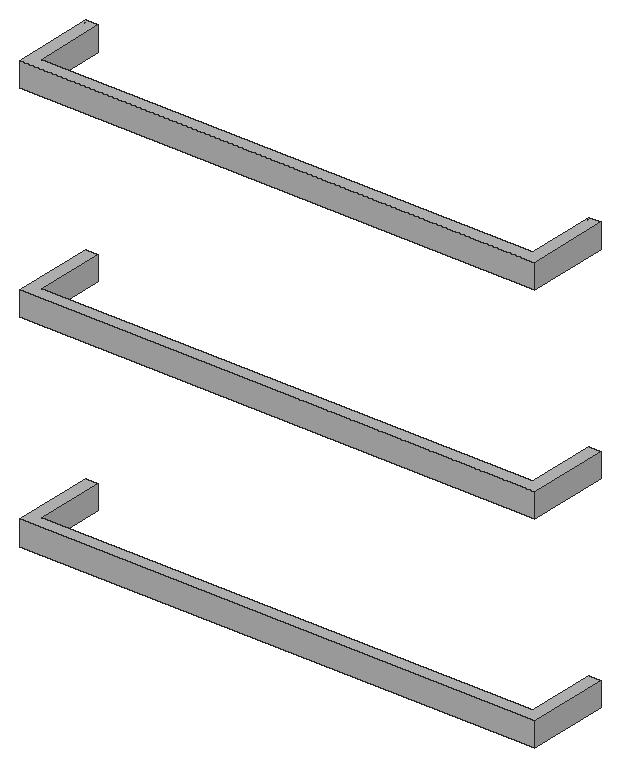
Revit family "Reece_Accessory_Mizu_Bloc_Heated Towel Rail_Triple Pack", category Plumbing Fixtures, Revit 2018
Family settings
  Round Connector Dimension = Use Diameter
  Part Type = Normal
  Work Plane-Based = Yes
  Always vertical = Yes
  Cut with Voids When Loaded = Yes
  Shared = Yes
  Room Calculation Point = Yes
Parameters
  URL = "https://www.reece.com.au/product/-2007466"
  Type Comments = "Accessory"
  Reece_Top_Rail_Spacing [instance] = 250 mm
  Reece_Product_Web Page = "https://www.reece.com.au/product/-2007466"
  Reece_Product_Type = "Accessory"  # constant formula
  Reece_Product_Sub Brand = "Bloc"  # constant formula
  Reece_Product_Number = "2007466"
  Reece_Product_Mount = "Wall Mounted"
  Reece_Product_Description = "Mizu Bloc Heated Towel Rail 630mm (Triple Pack) Polished Stainless Steel"
  Reece_Product_Brand = "Mizu"  # constant formula
  Reece_Overall_Width = 627 mm
  Reece_Overall_Height = 30 mm  # constant formula
  Reece_Mid_Rail_Spacing [instance] = 250 mm
  Reece_Material_Main = Reece_Metal_Stainless Steel_Polished
  Reece_Height_From_Level [instance] = if(Reece_Bottom_Offset < 600 mm, 600 mm, if(Reece_Bottom_Offset > 600 mm, Reece_Bottom_Offset, if(Reece_Bottom_Offset = 0 mm, Reece_Bottom_Offset, Reece_Bottom_Offset)))  # 1000 mm
  Reece_Fixing_Point_Width = 612 mm
  Reece_Fixing_Distance B [instance] = if(Reece_Top_Rail_Spacing < 30 mm, 30 mm, if(Reece_Top_Rail_Spacing > 30 mm, Reece_Top_Rail_Spacing, Reece_Top_Rail_Spacing))  # 250 mm
  Reece_Fixing_Distance A [instance] = if(Reece_Mid_Rail_Spacing < 30 mm, 30 mm, if(Reece_Mid_Rail_Spacing > 30 mm, Reece_Mid_Rail_Spacing, Reece_Mid_Rail_Spacing))  # 250 mm
  Reece_Detail_Shape = ""
  Reece_Detail_Installation = "Heated Towel Rail"  # constant formula
  Reece_Detail_Disclaimer = "THIS FILE IS THE PROPERTY OF THE REECE GROUP. IT MAY NOT BE REPRODUCED, REVERSE-ENGINEERED OR MODIFIED. ANY REPUBLICATION, TRANSMISSION OR DISTRIBUTION FOR THE PURPOSE OF COMMERCIALLY EXPLOITING THE FILES IS PROHIBITED."  # constant formula
  Reece_Detail_Connector = ""
  Reece_Detail_Additional = "Triple Pack"  # constant formula
  Reece_Bottom_Offset [instance] = 1000 mm
  Reece_Accessory_Projection = 100 mm  # constant formula
  Model = "Bloc"
  Manufacturer = "Mizu"
  Keynote = "Product #2007466, Reece_Accessory_Mizu_Bloc_Heated Towel Rail_Triple Pack -  "
  Disclaimer = "THIS FILE IS THE PROPERTY OF THE REECE GROUP. IT MAY NOT BE REPRODUCED, REVERSE-ENGINEERED OR MODIFIED. ANY REPUBLICATION, TRANSMISSION OR DISTRIBUTION FOR THE PURPOSE OF COMMERCIALLY EXPLOITING THE FILES IS PROHIBITED."  # constant formula
  Description = "Mizu Bloc Heated Towel Rail 630mm (Triple Pack) Polished Stainless Steel"
  Default Elevation = 0 mm
Types (5, lengths in mm): name | URL | Reece_Product_Web Page | Reece_Product_Number | Reece_Product_Description | Reece_Overall_Width | Reece_Material_Main | Reece_Fixing_Point_Width | Keynote | Description
  (no name) | "https://www.reece.com.au/product/-2007466" | "https://www.reece.com.au/product/-2007466" | "2007466" | "Mizu Bloc Heated Towel Rail 630mm (Triple Pack) Polished Stainless Steel" | 627 | Reece_Metal_Stainless Steel_Polished | 612 | "Product #2007466, Reece_Accessory_Mizu_Bloc_Heated Towel Rail_Triple Pack -  " | "Mizu Bloc Heated Towel Rail 630mm (Triple Pack) Polished Stainless Steel"
  627 mm x 30 mm x 100 mm_Matte Black | "https://www.reece.com.au/product/-2007468" | "https://www.reece.com.au/product/-2007468" | "2007468" | "Mizu Bloc Heated Towel Rail 630mm (Triple Pack) Matte Black" | 627 | Reece_Metal_Matte Black | 612 | "Product #2007468, Reece_Accessory_Mizu_Bloc_Heated Towel Rail_Triple Pack - 627 mm x 30 mm x 100 mm_Matte Black" | "Mizu Bloc Heated Towel Rail 630mm (Triple Pack) Matte Black"
  827 mm x 30 mm x 100 mm_Matte Black | "https://www.reece.com.au/product/-2007469" | "https://www.reece.com.au/product/-2007469" | "2007469" | "Mizu Bloc Heated Towel Rail 830mm (Triple Pack) Matte Black" | 827 | Reece_Metal_Matte Black | 812 | "Product #2007469, Reece_Accessory_Mizu_Bloc_Heated Towel Rail_Triple Pack - 827 mm x 30 mm x 100 mm_Matte Black" | "Mizu Bloc Heated Towel Rail 830mm (Triple Pack) Matte Black"
  627 mm x 30 mm x 100 mm_Polished Stainless Steel | "https://www.reece.com.au/product/-2007466" | "https://www.reece.com.au/product/-2007466" | "2007466" | "Mizu Bloc Heated Towel Rail 630mm (Triple Pack) Polished Stainless Steel" | 627 | Reece_Metal_Stainless Steel_Polished | 612 | "Product #2007466, Reece_Accessory_Mizu_Bloc_Heated Towel Rail_Triple Pack - 627 mm x 30 mm x 100 mm_Polished Stainless Steel" | "Mizu Bloc Heated Towel Rail 630mm (Triple Pack) Polished Stainless Steel"
  827 mm x 30 mm x 100 mm_Polished Stainless Steel | "https://www.reece.com.au/product/-2007467" | "https://www.reece.com.au/product/-2007467" | "2007467" | "Mizu Bloc Heated Towel Rail 830mm (Triple Pack) Polished Stainless Steel" | 827 | Reece_Metal_Stainless Steel_Polished | 812 | "Product #2007467, Reece_Accessory_Mizu_Bloc_Heated Towel Rail_Triple Pack - 827 mm x 30 mm x 100 mm_Polished Stainless Steel" | "Mizu Bloc Heated Towel Rail 830mm (Triple Pack) Polished Stainless Steel"
Reference planes
  plane 1 "Center (Front/Back)": y = 0
  plane 2 "Bottom Host Plane": z = -5
  plane 3 "Center (Left/Right)": x = 0
  plane 4 "Fixing Point": z = 1014.881
  plane 5: x = -313.5
  plane 6: x = 313.5
  plane 7: x = -306
  plane 8: y = -100
  plane 9: x = 306
  plane 10: y = -13
  plane 11: x = 298.619
  plane 12: z = 1030
  plane 13: z = 1000
  plane 14: z = 1264.881
  plane 15: z = 1514.881
  plane 16: z = 1499.881
  plane 17: z = 1529.881
  plane 18: z = 1279.881
  plane 19: z = 1249.881
Forms (mm)
  Extrusion 1, solid, material "Reece_Metal_Stainless Steel_Polished" <- "Reece_Material_Main"
    sketch origin (0, 0, 0) x (1, 0, 0) y (0, 1, 0)
      loop
        line (-298.619, -85.119) -> (-298.619, 0) -> (-313.5, 0) -> (-313.5, -100) -> (313.5, -100) -> (313.5, 0) -> (298.617, 0) -> (298.617, -85.119) -> (-298.619, -85.119)
    from 1000 to 1030
  Extrusion 2, void
    sketch origin (0, 0, 0) x (1, 0, 0) y (0, 0, 1)
      loop
        line (-312.012, 1028.274) -> (-312.012, 1001.488) -> (-300.107, 1001.488) -> (-300.107, 1028.274) -> (-312.012, 1028.274)
    from 0 to 16.129
  Extrusion 3, void
    sketch origin (0, 0, 0) x (-1, 0, 0) y (0, 0, -1)
      loop
        line (-312.012, -1028.274) -> (-300.107, -1028.274) -> (-300.107, -1001.488) -> (-312.012, -1001.488) -> (-312.012, -1028.274)
    from 0 to 16.129
  Extrusion 4, solid, material "Reece_Metal_Stainless Steel_Polished" <- "Reece_Material_Main"
    sketch origin (-340.933, -1524, 880) x (-1, 0, 0) y (0, -1, 0)
      loop
        line (-42.314, -1438.881) -> (-42.314, -1524) -> (-27.433, -1524) -> (-27.433, -1424) -> (-654.433, -1424) -> (-654.433, -1524) -> (-639.55, -1524) -> (-639.55, -1438.881) -> (-42.314, -1438.881)
    from 369.881 to 399.881
  Extrusion 5, void
    sketch origin (0, 0, 278.5) x (1, 0, 0) y (0, 0, 1)
      loop
        line (-312.012, 999.881) -> (-312.012, 972.881) -> (-300.107, 972.881) -> (-300.107, 999.881) -> (-312.012, 999.881)
    from 0 to 16.129
  Extrusion 6, solid, material "Reece_Metal_Stainless Steel_Polished" <- "Reece_Material_Main"
    sketch origin (-340.933, -1524, 1159.762) x (-1, 0, 0) y (0, -1, 0)
      loop
        line (-42.314, -1438.881) -> (-42.314, -1524) -> (-27.433, -1524) -> (-27.433, -1424) -> (-654.433, -1424) -> (-654.433, -1524) -> (-639.55, -1524) -> (-639.55, -1438.881) -> (-42.314, -1438.881)
    from 340.119 to 370.119
  Revolve 7, void
    sketch origin (-306, 0, 1200) x (0, -1, 0) y (0, 0, 1)
      loop
        line (13, -201.231) -> (15, -201.231) -> (15, -198.512) -> (13, -198.512) -> (13, -201.231)
      axis (13, -201.231) -> (13, -198.512)
    angle from 0 to 360
  Revolve 8, void
    sketch origin (306, 0, 1200) x (0, -1, 0) y (0, 0, -1)
      loop
        line (13, 201.231) -> (13, 198.512) -> (15, 198.512) -> (15, 201.231) -> (13, 201.231)
      axis (13, 201.231) -> (13, 198.512)
    angle from 0 to 360
  Extrusion 9, void
    sketch origin (0, 0, 278.5) x (-1, 0, 0) y (0, 0, -1)
      loop
        line (-312.012, -999.881) -> (-300.107, -999.881) -> (-300.107, -972.881) -> (-312.012, -972.881) -> (-312.012, -999.881)
    from 0 to 16.129
  Extrusion 10, void
    sketch origin (0, 0, 528.5) x (1, 0, 0) y (0, 0, 1)
      loop
        line (-312.012, 999.881) -> (-312.012, 972.881) -> (-300.107, 972.881) -> (-300.107, 999.881) -> (-312.012, 999.881)
    from 0 to 16.129
  Extrusion 11, void
    sketch origin (0, 0, 528.5) x (-1, 0, 0) y (0, 0, -1)
      loop
        line (-312.012, -999.881) -> (-300.107, -999.881) -> (-300.107, -972.881) -> (-312.012, -972.881) -> (-312.012, -999.881)
    from 0 to 16.129
  Revolve 12, void
    sketch origin (-306, 0, 1449.881) x (0, -1, 0) y (0, 0, 1)
      loop
        line (13, -201.231) -> (15, -201.231) -> (15, -198.512) -> (13, -198.512) -> (13, -201.231)
      axis (13, -201.231) -> (13, -198.512)
    angle from 0 to 360
  Revolve 13, void
    sketch origin (306, 0, 1449.881) x (0, -1, 0) y (0, 0, -1)
      loop
        line (13, 201.231) -> (13, 198.512) -> (15, 198.512) -> (15, 201.231) -> (13, 201.231)
      axis (13, 201.231) -> (13, 198.512)
    angle from 0 to 360
  Revolve 14, void
    sketch origin (-306, 0, 1699.881) x (0, -1, 0) y (0, 0, 1)
      loop
        line (13, -201.231) -> (15, -201.231) -> (15, -198.487) -> (13, -198.487) -> (13, -201.231)
      axis (13, -201.231) -> (13, -198.487)
    angle from 0 to 360
  Revolve 15, void
    sketch origin (306, 0, 1699.881) x (0, -1, 0) y (0, 0, -1)
      loop
        line (13, 201.231) -> (13, 198.487) -> (15, 198.487) -> (15, 201.231) -> (13, 201.231)
      axis (13, 201.231) -> (13, 198.487)
    angle from 0 to 360
Cuts and joins
  Extrusion 2, Extrusion 3, Extrusion 5, Revolve 7, Revolve 8, Revolve 12, Revolve 14 cuts Extrusion 1
  Extrusion 5, Extrusion 9, Extrusion 10, Extrusion 11, Revolve 12, Revolve 13 cuts Extrusion 4
  Extrusion 10, Extrusion 11, Revolve 14, Revolve 15 cuts Extrusion 6
Lines and regions (mm)
  model lines, style "InvisibleLines"
    curve 1: line (0, 0, -5) -> (0, 0, 1014.881)
Text (mm)
  text "Reece ©" at (2575.234, -2071.694, 3369.885), in view "Reece Preview"
  text "Reece Copyright © 2018, Reece Ltd." at (-411.74, -205.274, 0), in view "Ref. Level"
Dimensions and locks
  locked: plane 2 "Bottom Host Plane" to level at 5
  "Reece_Overall_Width": plane 6 to plane 5
  "Reece_Accessory_Projection": plane 8 to plane 1 "Center (Front/Back)"
  plane 5 to Extrusion 2 to Extrusion 2 to Extrusion 1 to Extrusion 1 to Extrusion 3 to Extrusion 3 to plane 6 = 1.488 mm locked, 11.905 mm locked, 1.488 mm locked, 597.236 mm, 1.49 mm locked, 11.905 mm locked, 1.488 mm locked
  "Reece_Fixing_Point_Width": plane 7 to plane 9
  locked: plane 5 to plane 7 at 7.5
  plane 6 to plane 9 = 7.5 mm
  equal spacing: plane 7, plane 3 "Center (Left/Right)", plane 9  (x2)
  plane 5 to plane 6 = 627 mm
  plane 7 to plane 9 = 612 mm
  plane 10 to plane 1 "Center (Front/Back)" = 13 mm
  cut or joined group of Extrusion 1, Extrusion 2, Extrusion 3, Extrusion 5, Revolve 7, Revolve 8, Revolve 12, Revolve 14 to cut or joined group of Extrusion 1, Extrusion 2, Extrusion 3, Extrusion 5, Revolve 7, Revolve 8, Revolve 12, Revolve 14 = 30 mm
  plane 11 to plane 6 = 14.881 mm
  plane 1 "Center (Front/Back)" to plane 8 = 100 mm
  level to plane 4 "Fixing Point" = 1014.881 mm  (x2)
  plane 8 to plane 1 "Center (Front/Back)" = 100 mm
  Extrusion 5 to Extrusion 5 to Extrusion 4 to Extrusion 4 = 11.905 mm locked, 1.488 mm locked, 597.236 mm
  Extrusion 6 to Extrusion 6 = 597.236 mm
  plane 5 to cut or joined group of Extrusion 4, Extrusion 5, Extrusion 9, Extrusion 10, Extrusion 11, Revolve 12, Revolve 13 to cut or joined group of Extrusion 4, Extrusion 5, Extrusion 9, Extrusion 10, Extrusion 11, Revolve 12, Revolve 13 = 1.488 mm locked, 13.393 mm locked
  "Reece_Height_From_Level": plane 13 to level
  plane 12 to plane 4 "Fixing Point" to plane 13 = 15.119 mm locked, 14.881 mm locked
  "Reece_Fixing_Distance A": plane 14 to plane 4 "Fixing Point"
  "Reece_Fixing_Distance B": plane 15 to plane 14
  plane 17 to plane 15 to plane 16 = 15 mm locked, 15 mm locked
  plane 18 to plane 14 to plane 19 = 15 mm locked, 15 mm locked
  locked: Extrusion 9 to Extrusion 9 at 11.905
  locked: Extrusion 10 to Extrusion 10 at 11.905
  locked: Extrusion 11 to Extrusion 11 at 11.905
  aligned and locked: plane 4 "Fixing Point" to curve 1
  aligned and locked: plane 5 to Extrusion 1
  aligned and locked: Extrusion 1 to plane 6
  aligned and locked: cut or joined group of Extrusion 1, Extrusion 2, Extrusion 3, Extrusion 5, Revolve 7, Revolve 8, Revolve 12, Revolve 14 to plane 12
  aligned and locked: plane 13 to cut or joined group of Extrusion 1, Extrusion 2, Extrusion 3, Extrusion 5, Revolve 7, Revolve 8, Revolve 12, Revolve 14
  aligned and locked: plane 18 to cut or joined group of Extrusion 4, Extrusion 5, Extrusion 9, Extrusion 10, Extrusion 11, Revolve 12, Revolve 13
  aligned and locked: cut or joined group of Extrusion 4, Extrusion 5, Extrusion 9, Extrusion 10, Extrusion 11, Revolve 12, Revolve 13 to plane 19
  aligned and locked: cut or joined group of Extrusion 6, Extrusion 10, Extrusion 11, Revolve 14, Revolve 15 to plane 17
  aligned and locked: plane 16 to cut or joined group of Extrusion 6, Extrusion 10, Extrusion 11, Revolve 14, Revolve 15
  aligned and locked: cut or joined group of Extrusion 4, Extrusion 5, Extrusion 9, Extrusion 10, Extrusion 11, Revolve 12, Revolve 13 to plane 18
  aligned and locked: plane 19 to cut or joined group of Extrusion 4, Extrusion 5, Extrusion 9, Extrusion 10, Extrusion 11, Revolve 12, Revolve 13
  aligned and locked: plane 9 to Revolve 8
  aligned and locked: plane 9 to Revolve 13
  aligned and locked: plane 9 to Revolve 15
Automatic sketch dimensions
  curve 1 to plane 3 "Center (Left/Right)" = 0 mm
  curve 1 to plane 2 "Bottom Host Plane" = 0 mm
  Extrusion 1 sketch curve to plane 5 = 0 mm
  plane 1 "Center (Front/Back)" to Extrusion 1 sketch curve = 0 mm  (x2)
  Extrusion 1 sketch curve to plane 6 = 0 mm
  plane 8 to Extrusion 1 sketch curve = 0 mm
  Extrusion 1 sketch curve to plane 7 = 7.381 mm
  Extrusion 1 sketch curve to plane 11 = 0.002 mm
  Extrusion 1 sketch curve to plane 8 = 14.881 mm
  Extrusion 2 sketch curve to plane 5 = 1.488 mm
  plane 12 to Extrusion 2 sketch curve = 1.726 mm
  Extrusion 2 sketch curve to plane 7 = 5.893 mm
  Extrusion 2 sketch curve to plane 13 = 1.488 mm
  plane 6 to Extrusion 3 sketch curve = 1.488 mm
  Extrusion 3 sketch curve to plane 11 = 1.488 mm
  plane 13 to Extrusion 3 sketch curve = 1.488 mm
  Extrusion 3 sketch curve to plane 12 = 1.726 mm
  plane 1 "Center (Front/Back)" to Extrusion 4 sketch curve = 0 mm  (x2)
  Extrusion 4 sketch curve to plane 6 = 0 mm
  Extrusion 4 sketch curve to plane 5 = 0 mm
  plane 8 to Extrusion 4 sketch curve = 0 mm
  Extrusion 4 sketch curve to plane 11 = 0.002 mm
  Extrusion 4 sketch curve to plane 7 = 7.381 mm
  Extrusion 4 sketch curve to plane 8 = 14.881 mm
  Extrusion 5 sketch curve to plane 5 = 1.488 mm
  Extrusion 5 sketch curve to plane 18 = 1.5 mm
  Extrusion 5 sketch curve to plane 7 = 5.893 mm
  plane 19 to Extrusion 5 sketch curve = 1.5 mm
  plane 1 "Center (Front/Back)" to Extrusion 6 sketch curve = 0 mm  (x2)
  Extrusion 6 sketch curve to plane 6 = 0 mm
  Extrusion 6 sketch curve to plane 5 = 0 mm
  plane 8 to Extrusion 6 sketch curve = 0 mm
  Extrusion 6 sketch curve to plane 11 = 0.002 mm
  Extrusion 6 sketch curve to plane 7 = 7.381 mm
  Extrusion 6 sketch curve to plane 8 = 14.881 mm
  Revolve 7 sketch curve to plane 10 = 0 mm  (x2)
  plane 4 "Fixing Point" to Revolve 7 sketch curve = 0 mm
  Revolve 7 sketch curve to Revolve 7 sketch curve = 2 mm
  Revolve 7 sketch curve to plane 13 = 1.488 mm
  plane 13 to Revolve 7 sketch curve = 1.231 mm
  Revolve 7 sketch curve to Revolve 7 sketch curve = 3.857 mm
  Revolve 8 sketch curve to plane 10 = 0 mm  (x2)
  plane 4 "Fixing Point" to Revolve 8 sketch curve = 0 mm
  Revolve 8 sketch curve to Revolve 8 sketch curve = 2 mm
  Revolve 8 sketch curve to plane 13 = 1.488 mm
  plane 13 to Revolve 8 sketch curve = 1.231 mm
  Revolve 8 sketch curve to Revolve 8 sketch curve = 3.857 mm
  plane 6 to Extrusion 9 sketch curve = 1.488 mm
  Extrusion 9 sketch curve to plane 11 = 1.488 mm
  Extrusion 9 sketch curve to plane 19 = 1.5 mm
  plane 18 to Extrusion 9 sketch curve = 1.5 mm
  Extrusion 10 sketch curve to plane 5 = 1.488 mm
  plane 17 to Extrusion 10 sketch curve = 1.5 mm
  Extrusion 10 sketch curve to plane 7 = 5.893 mm
  Extrusion 10 sketch curve to plane 16 = 1.5 mm
  plane 6 to Extrusion 11 sketch curve = 1.488 mm
  Extrusion 11 sketch curve to plane 11 = 1.488 mm
  plane 16 to Extrusion 11 sketch curve = 1.5 mm
  Extrusion 11 sketch curve to plane 17 = 1.5 mm
  Revolve 12 sketch curve to plane 10 = 0 mm  (x2)
  Revolve 12 sketch curve to Revolve 12 sketch curve = 2 mm
  Revolve 12 sketch curve to plane 19 = 1.231 mm
  plane 19 to Revolve 12 sketch curve = 1.488 mm
  Revolve 12 sketch curve to Revolve 12 sketch curve = 3.857 mm
  Revolve 12 sketch curve to plane 14 = 0.119 mm
  Revolve 13 sketch curve to plane 10 = 0 mm  (x2)
  Revolve 13 sketch curve to Revolve 13 sketch curve = 2 mm
  plane 19 to Revolve 13 sketch curve = 1.488 mm
  Revolve 13 sketch curve to plane 19 = 1.231 mm
  Revolve 13 sketch curve to Revolve 13 sketch curve = 3.857 mm
  Revolve 13 sketch curve to plane 14 = 0.119 mm
  Revolve 14 sketch curve to plane 10 = 0 mm  (x2)
  Revolve 14 sketch curve to Revolve 14 sketch curve = 2 mm
  plane 16 to Revolve 14 sketch curve = 1.231 mm
  Revolve 14 sketch curve to plane 16 = 1.513 mm
  Revolve 14 sketch curve to Revolve 14 sketch curve = 3.832 mm
  plane 15 to Revolve 14 sketch curve = 0.119 mm
  Revolve 15 sketch curve to plane 10 = 0 mm  (x2)
  Revolve 15 sketch curve to Revolve 15 sketch curve = 2 mm
  Revolve 15 sketch curve to plane 16 = 1.513 mm
  plane 16 to Revolve 15 sketch curve = 1.231 mm
  Revolve 15 sketch curve to Revolve 15 sketch curve = 3.832 mm
  plane 15 to Revolve 15 sketch curve = 0.119 mm
